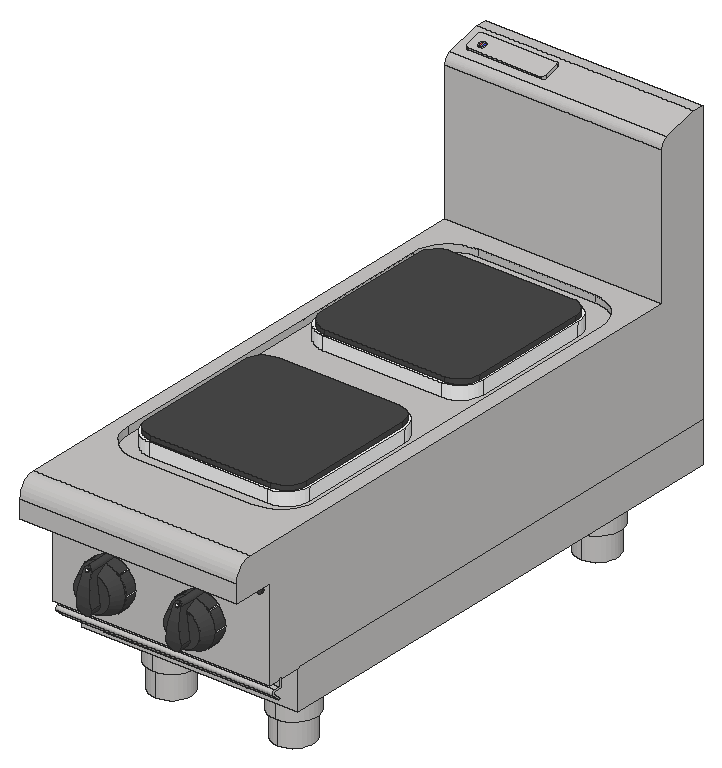
Revit family "QF_Moffat_RN8200SE-B_Electric_Cooktops_Sealed_Hobs_cat", category Specialty Equipment, Revit 2019
Family settings
  Round Connector Dimension = Use Diameter
  Part Type = Normal
  Work Plane-Based = No
  Always vertical = Yes
  Cut with Voids When Loaded = No
  Shared = No
  Room Calculation Point = No
Parameters (values of type "RN8200SE-B")
  Weight in Kilograms = 32
  Watts = Volts * FL Amps  # 5280 W
  Volts = 240 V
  URL Cutsheet = ""
  Specification by User = ""
  Specification by Manufacturer = ""
  Serial Number = ""
  Seismic Rating = ""
  SMACNA No = ""
  Revision Code = ""
  Phase = 2
  Number of Poles = 1
  NAFEM Spec ID Number = ""
  Model = "RN8200SE-B"
  Min Ckt Ampacity = 0 A
  Max Overcurrent Protection = 0 A
  Masterspec = ""
  Manufacturer = "Moffat"
  Length = 300 mm
  Item Number = ""
  Installed By = ""
  Identify Quantity as Lot = yes
  Height = 530 mm
  HP = ""
  Furnished By = ""
  Foodservice Equipment Identifier = yes
  FL Amps = 22 A
  Electrical Remarks = ""
  Electric Connection Type = ""
  Elec Conn RI Height = 0 mm
  Elec Conn Connection Height = 0 mm
  Description = "Electric Cooktops Sealed Hobs"
  Depth = 805 mm
  Cycle = 60 Hz
  Conn Plug = ""
  Conn Conduit = yes
  CSI MasterFormat = ""
  Apparent Power = if(Phase = 3, Volts * FL Amps * 1.73, Volts * FL Amps)  # 5280 VA
Reference planes
  plane 1 "BACK": y = 0
  plane 2: z = 0
  plane 3 "LEFT": x = 0
  plane 4 "RIGHT": x = 300
  plane 5 "FRONT": y = -805
  plane 6 "TOP": z = 530
  plane 7 "Center Y": x = 150
  plane 8 "Center X": y = -402.5
  plane 9: x = 65.5
  plane 10: x = 234.5
  plane 11: x = 87.5
  plane 12: x = 211.766
  plane 13: y = -30
  plane 14: x = 170
  plane 15: y = -625
  plane 16: y = -100
Forms (mm)
  Extrusion 1, void
    sketch origin (0, -781, 315) x (0, 1, 0) y (-1, 0, 0)
      loop
        arc (680.8, -69) -> (666.155, -33.645) -> (630.8, -19) r 50
        line (630.8, -19) -> (137.799, -19)
        arc (137.799, -19) -> (102.444, -33.645) -> (87.799, -69) r 50
        line (87.799, -69) -> (87.799, -231)
        arc (87.799, -231) -> (102.444, -266.355) -> (137.799, -281) r 50
        line (137.799, -281) -> (630.8, -281)
        arc (630.8, -281) -> (666.155, -266.355) -> (680.8, -231) r 50
        line (680.8, -231) -> (680.8, -69)
    from 0 to -9.5
  Extrusion 2, solid, material "QF_Plastic_White_Smooth"
    sketch origin (0, -781, 305.5) x (0, 1, 0) y (-1, 0, 0)
      loop
        arc (643.009, -68) -> (633.637, -45.373) -> (611.009, -36) r 32
        line (611.009, -36) -> (446.995, -36)
        arc (446.995, -36) -> (424.368, -45.373) -> (414.995, -68) r 32
        line (414.995, -68) -> (414.995, -232)
        arc (414.995, -232) -> (424.368, -254.627) -> (446.995, -264) r 32
        line (446.995, -264) -> (611.009, -264)
        arc (611.009, -264) -> (633.637, -254.627) -> (643.009, -232) r 32
        line (643.009, -232) -> (643.009, -68)
      loop
        arc (343.009, -68) -> (333.636, -45.373) -> (311.009, -36) r 32
        line (311.009, -36) -> (147.026, -36)
        arc (147.026, -36) -> (124.398, -45.373) -> (115.026, -68) r 32
        line (115.026, -68) -> (115.026, -232)
        arc (115.026, -232) -> (124.398, -254.627) -> (147.026, -264) r 32
        line (147.026, -264) -> (311.009, -264)
        arc (311.009, -264) -> (333.636, -254.627) -> (343.009, -232) r 32
        line (343.009, -232) -> (343.009, -68)
    from 0 to 17.8
  Extrusion 3, solid, material "QF_Plastic_Black_Smooth"
    sketch origin (0, -781, 323.3) x (0, 1, 0) y (-1, 0, 0)
      loop
        arc (639.009, -67) -> (631.101, -47.908) -> (612.009, -40) r 27
        line (612.009, -40) -> (445.995, -40)
        arc (445.995, -40) -> (426.903, -47.908) -> (418.995, -67) r 27
        line (418.995, -67) -> (418.995, -233)
        arc (418.995, -233) -> (426.903, -252.092) -> (445.995, -260) r 27
        line (445.995, -260) -> (612.009, -260)
        arc (612.009, -260) -> (631.101, -252.092) -> (639.009, -233) r 27
        line (639.009, -233) -> (639.009, -67)
      loop
        arc (339.009, -67) -> (331.1, -47.908) -> (312.009, -40) r 27
        line (312.009, -40) -> (146.026, -40)
        arc (146.026, -40) -> (126.934, -47.908) -> (119.026, -67) r 27
        line (119.026, -67) -> (119.026, -233)
        arc (119.026, -233) -> (126.934, -252.092) -> (146.026, -260) r 27
        line (146.026, -260) -> (312.009, -260)
        arc (312.009, -260) -> (331.1, -252.092) -> (339.009, -233) r 27
        line (339.009, -233) -> (339.009, -67)
    from 0 to 6.1
  Extrusion 4, solid, material "QF_Metal_Stainless_Polished"
    sketch origin (0, 0, 0) x (0, 1, 0) y (0, 0, 1)
      loop
        line (-699, 85) -> (0, 85) -> (0, 140) -> (-699, 140) -> (-699, 85)
    from 0 to 300
  Extrusion 5, solid, material "QF_Metal_Stainless_Polished"
    sketch origin (0, 0, 0) x (0, 1, 0) y (0, 0, 1)
      loop
        line (-730.6, 140) -> (-730.6, 130) -> (-740.105, 130)
        arc (-740.105, 130) -> (-743.076, 128.015) -> (-742.379, 124.511) r 3.215
        line (-742.379, 124.511) -> (-731.85, 113.982) -> (-730.719, 115.113) -> (-741.247, 125.642)
        arc (-741.247, 125.642) -> (-741.597, 127.403) -> (-740.105, 128.4) r 1.615
        line (-740.105, 128.4) -> (-729, 128.4) -> (-729, 140) -> (-730.6, 140)
    from 0 to 300
  Extrusion 6, solid, material "QF_Metal_Stainless_Polished"
    sketch origin (150, 168.197, 1219.2) x (0, 1, 0) y (0, 0, 1)
      loop
        line (-867.197, -1109.2) -> (-889.234, -1109.2)
        arc (-889.234, -1109.2) -> (-890.834, -1110.8) -> (-889.234, -1112.4) r 1.6
        line (-889.234, -1112.4) -> (-867.197, -1112.4) -> (-867.197, -1109.2)
    from -100 to 100
  Extrusion 7, solid, material "QF_Paint_Green"
    sketch origin (0, -749, 141.25) x (0, 0, 1) y (-1, 0, 0)
      loop
        circle (101.3, -132.5) r 7.15
      loop
        circle (101.3, -257.5) r 7.15
    from 0 to 1.6
  Extrusion 8, solid, material "QF_Plastic_Black_Smooth"
    sketch origin (0, -749, 141.25) x (0, 0, 1) y (-1, 0, 0)
      loop
        circle (113.843, -13.157) r 5
      loop
        circle (113.843, -286.843) r 5
    from 0 to 1.6
  Extrusion 9, solid, material "QF_Metal_Stainless_Polished"
    sketch origin (-30, -689.8, 85) x (1, 0, 0) y (0, -1, 0)
      loop
        circle (200, -659.8) r 6.35
    from 0 to 1.6
  Extrusion 10, solid, material "QF_Metal_Stainless_Polished"
    sketch origin (0, 0, -215) x (0, 1, 0) y (0, 0, 1)
      loop
        line (0, 355) -> (0, 745) -> (-15, 745) -> (-61.106, 732.646)
        arc (-61.106, 732.646) -> (-67.52, 728.36) -> (-70, 721.055) r 12
        line (-70, 721.055) -> (-70, 530) -> (-781, 530)
        arc (-781, 530) -> (-797.971, 522.971) -> (-805, 506) r 24
        line (-805, 506) -> (-805, 481) -> (-749, 481) -> (-749, 355) -> (0, 355)
    from 0 to 300
Cuts and joins
  Extrusion 1 cuts Extrusion 10
Lines and regions (mm)
  symbolic lines
    curve 1: line (0, 0, 0) -> (300, 0, 0)
    curve 2: line (0, -805, 0) -> (0, 0, 0)
    curve 3: line (300, -805, 0) -> (0, -805, 0)
    curve 4: line (300, 0, 0) -> (300, -805, 0)
    curve 5: arc (19, -150.2, 0) -> (33.645, -114.845, 0) -> (69, -100.2, 0) r 50
    curve 6: line (69, -100.2, 0) -> (231, -100.2, 0)
    curve 7: arc (231, -100.2, 0) -> (266.355, -114.845, 0) -> (281, -150.2, 0) r 50
    curve 8: line (281, -150.2, 0) -> (281, -643.201, 0)
    curve 9: arc (281, -643.201, 0) -> (266.355, -678.556, 0) -> (231, -693.201, 0) r 50
    curve 10: line (231, -693.201, 0) -> (69, -693.201, 0)
    curve 11: arc (69, -693.201, 0) -> (33.645, -678.556, 0) -> (19, -643.201, 0) r 50
    curve 12: line (19, -643.201, 0) -> (19, -150.2, 0)
    curve 13: arc (68, -137.991, 0) -> (45.373, -147.363, 0) -> (36, -169.991, 0) r 32
    curve 14: line (36, -169.991, 0) -> (36, -334.005, 0)
    curve 15: arc (36, -334.005, 0) -> (45.373, -356.632, 0) -> (68, -366.005, 0) r 32
    curve 16: line (68, -366.005, 0) -> (232, -366.005, 0)
    curve 17: arc (232, -366.005, 0) -> (254.627, -356.632, 0) -> (264, -334.005, 0) r 32
    curve 18: line (264, -334.005, 0) -> (264, -169.991, 0)
    curve 19: arc (264, -169.991, 0) -> (254.627, -147.363, 0) -> (232, -137.991, 0) r 32
    curve 20: line (232, -137.991, 0) -> (68, -137.991, 0)
    curve 21: arc (67, -141.991, 0) -> (47.908, -149.899, 0) -> (40, -168.991, 0) r 27
    curve 22: line (40, -168.991, 0) -> (40, -335.005, 0)
    curve 23: arc (40, -335.005, 0) -> (47.908, -354.097, 0) -> (67, -362.005, 0) r 27
    curve 24: line (67, -362.005, 0) -> (233, -362.005, 0)
    curve 25: arc (233, -362.005, 0) -> (252.092, -354.097, 0) -> (260, -335.005, 0) r 27
    curve 26: line (260, -335.005, 0) -> (260, -168.991, 0)
    curve 27: arc (260, -168.991, 0) -> (252.092, -149.899, 0) -> (233, -141.991, 0) r 27
    curve 28: line (233, -141.991, 0) -> (67, -141.991, 0)
    curve 29: arc (68, -437.991, 0) -> (45.373, -447.364, 0) -> (36, -469.991, 0) r 32
    curve 30: line (36, -469.991, 0) -> (36, -633.974, 0)
    curve 31: arc (36, -633.974, 0) -> (45.373, -656.602, 0) -> (68, -665.974, 0) r 32
    curve 32: line (68, -665.974, 0) -> (232, -665.974, 0)
    curve 33: arc (232, -665.974, 0) -> (254.627, -656.602, 0) -> (264, -633.974, 0) r 32
    curve 34: line (264, -633.974, 0) -> (264, -469.991, 0)
    curve 35: arc (264, -469.991, 0) -> (254.627, -447.364, 0) -> (232, -437.991, 0) r 32
    curve 36: line (232, -437.991, 0) -> (68, -437.991, 0)
    curve 37: arc (67, -441.991, 0) -> (47.908, -449.9, 0) -> (40, -468.991, 0) r 27
    curve 38: line (40, -468.991, 0) -> (40, -634.974, 0)
    curve 39: arc (40, -634.974, 0) -> (47.908, -654.066, 0) -> (67, -661.974, 0) r 27
    curve 40: line (67, -661.974, 0) -> (233, -661.974, 0)
    curve 41: arc (233, -661.974, 0) -> (252.092, -654.066, 0) -> (260, -634.974, 0) r 27
    curve 42: line (260, -634.974, 0) -> (260, -468.991, 0)
    curve 43: arc (260, -468.991, 0) -> (252.092, -449.9, 0) -> (233, -441.991, 0) r 27
    curve 44: line (233, -441.991, 0) -> (67, -441.991, 0)
    curve 45: line (0, -15, 0) -> (300, -15, 0)
    curve 46: line (0, -70, 0) -> (300, -70, 0)
Dimensions and locks
  equal spacing: plane 3 "LEFT", plane 7 "Center Y", plane 4 "RIGHT"
  "Length": plane 3 "LEFT" to plane 4 "RIGHT"
  equal spacing: plane 5 "FRONT", plane 8 "Center X", plane 1 "BACK"
  "Depth": plane 5 "FRONT" to plane 1 "BACK"
  plane 9 to plane 10 = 169 mm
  plane 4 "RIGHT" to plane 3 "LEFT" = 300 mm
  plane 1 "BACK" to plane 5 "FRONT" = 805 mm
  plane 6 "TOP" to plane 2 = 530 mm
  plane 2 to Extrusion 4 = 85 mm
  plane 1 "BACK" to nested 5 = 100 mm
  nested 5 to nested 1 = 525 mm
  plane 14 to plane 4 "RIGHT" = 130 mm
  plane 1 "BACK" to plane 13 = 30 mm
  "Height": plane 6 "TOP" to level
  plane 15 to plane 16 = 525 mm
  aligned and locked: level to plane 2
Automatic sketch dimensions
  Extrusion 1 sketch curve to Extrusion 1 sketch curve = 50 mm  (x3)
  Extrusion 2 sketch curve to Extrusion 1 = 27.226 mm
  Extrusion 2 sketch curve to Extrusion 1 = 17 mm  (x4)
  Extrusion 2 sketch curve to Extrusion 2 sketch curve = 32 mm  (x6)
  Extrusion 2 sketch curve to Extrusion 1 = 49 mm
  Extrusion 2 sketch curve to Extrusion 2 sketch curve = 163.983 mm
  Extrusion 2 sketch curve to Extrusion 2 sketch curve = 71.987 mm
  Extrusion 2 sketch curve to Extrusion 1 = 69.791 mm  (x2)
  Extrusion 3 sketch curve to Extrusion 2 = 4 mm  (x8)
  Extrusion 3 sketch curve to Extrusion 2 = 31 mm  (x8)
  Extrusion 4 sketch curve to plane 1 "BACK" = 0 mm
  Extrusion 4 sketch curve to plane 5 "FRONT" = 106 mm
  level to Extrusion 4 sketch curve = 85 mm
  Extrusion 4 sketch curve to Extrusion 4 sketch curve = 55 mm
  Extrusion 5 sketch curve to Extrusion 5 sketch curve = 0 mm  (x2)
  Extrusion 5 sketch curve to plane 5 "FRONT" = 62.621 mm
  Extrusion 5 sketch curve to Extrusion 5 sketch curve = 1.131 mm  (x3)
  Extrusion 5 sketch curve to Extrusion 5 sketch curve = 1.142 mm  (x2)
  Extrusion 5 sketch curve to Extrusion 5 sketch curve = 10.529 mm
  Extrusion 5 sketch curve to Extrusion 5 sketch curve = 9.505 mm
  Extrusion 5 sketch curve to Extrusion 5 sketch curve = 1.6 mm
  level to Extrusion 5 sketch curve = 113.982 mm
  Extrusion 5 sketch curve to Extrusion 5 sketch curve = 10 mm
  Extrusion 6 sketch curve to plane 5 "FRONT" = 83.963 mm
  Extrusion 6 sketch curve to Extrusion 6 sketch curve = 22.037 mm
  level to Extrusion 6 sketch curve = 106.8 mm
  Extrusion 6 sketch curve to Extrusion 6 sketch curve = 1.6 mm
  Extrusion 7 sketch curve to Extrusion 7 sketch curve = 125 mm
  Extrusion 9 sketch curve to Extrusion 4 = 30 mm
  Extrusion 9 sketch curve to Extrusion 4 = 130 mm
  plane 1 "BACK" to curve 1 = 0 mm
  curve 1 to plane 3 "LEFT" = 0 mm
  plane 5 "FRONT" to curve 3 = 0 mm
  plane 3 "LEFT" to curve 12 = 19 mm
  curve 12 to curve 14 = 17 mm
  curve 30 to plane 15 = 8.974 mm
  curve 12 to curve 30 = 17 mm
  curve 13 to curve 22 = 4 mm
  curve 29 to curve 38 = 4 mm
  curve 37 to plane 9 = 1.5 mm
  curve 23 to plane 9 = 1.5 mm
  curve 39 to plane 9 = 1.5 mm
  curve 28 to plane 9 = 1.5 mm
  curve 23 to curve 15 = 1 mm
  curve 21 to curve 13 = 1 mm
  curve 37 to curve 29 = 1 mm
  curve 39 to curve 31 = 1 mm
  curve 6 to plane 16 = 0.2 mm
  curve 6 to plane 9 = 3.5 mm
  curve 10 to plane 9 = 3.5 mm
  plane 10 to curve 7 = 3.5 mm
  plane 10 to curve 10 = 3.5 mm
  plane 10 to curve 35 = 2.5 mm
  plane 10 to curve 33 = 2.5 mm
  plane 10 to curve 16 = 2.5 mm
  plane 10 to curve 19 = 2.5 mm
  plane 10 to curve 44 = 1.5 mm
  plane 10 to curve 24 = 1.5 mm
  plane 10 to curve 28 = 1.5 mm
  plane 10 to curve 40 = 1.5 mm
  curve 42 to plane 10 = 25.5 mm
  curve 26 to plane 10 = 25.5 mm
  curve 42 to curve 34 = 4 mm
  curve 26 to curve 18 = 4 mm
  plane 4 "RIGHT" to curve 8 = 19 mm
  curve 10 to curve 32 = 27.226 mm
  curve 31 to curve 40 = 4 mm
  curve 35 to plane 8 "Center X" = 67.491 mm
  curve 29 to curve 38 = 1 mm
  plane 8 "Center X" to curve 16 = 36.495 mm
  curve 15 to curve 24 = 4 mm
  curve 19 to curve 7 = 19.791 mm
  curve 13 to curve 22 = 1 mm
  curve 4 to plane 4 "RIGHT" = 0 mm
  curve 45 to curve 1 = 15 mm
  plane 16 to curve 46 = 30 mm
  Extrusion 1 sketch curve to plane 9 = 3.5 mm  (x2)
  Extrusion 1 sketch curve to plane 15 = 68.201 mm
  Extrusion 1 sketch curve to plane 16 = 50.2 mm
  plane 10 to Extrusion 1 sketch curve = 3.5 mm
  Extrusion 7 sketch curve to plane 10 = 23 mm
  level to Extrusion 7 sketch curve = 242.55 mm
  Extrusion 7 sketch curve to Extrusion 7 sketch curve = 0 mm
  plane 4 "RIGHT" to Extrusion 8 sketch curve = 13.157 mm
  level to Extrusion 8 sketch curve = 255.093 mm  (x2)
  plane 3 "LEFT" to Extrusion 8 sketch curve = 13.157 mm
  Extrusion 10 sketch curve to plane 5 "FRONT" = 0 mm
  Extrusion 10 sketch curve to plane 6 "TOP" = 0 mm
  Extrusion 10 sketch curve to plane 1 "BACK" = 0 mm
  Extrusion 10 sketch curve to plane 5 "FRONT" = 24 mm
  Extrusion 10 sketch curve to plane 5 "FRONT" = 56 mm
  plane 16 to Extrusion 10 sketch curve = 30 mm
  Extrusion 10 sketch curve to plane 6 "TOP" = 12.354 mm
  Extrusion 10 sketch curve to Extrusion 10 sketch curve = 8.894 mm
  Extrusion 10 sketch curve to Extrusion 10 sketch curve = 3.106 mm
  plane 1 "BACK" to Extrusion 10 sketch curve = 15 mm
  Extrusion 10 sketch curve to Extrusion 10 sketch curve = 191.055 mm
  Extrusion 10 sketch curve to Extrusion 10 sketch curve = 25 mm
  level to Extrusion 10 sketch curve = 140 mm
  radius of Extrusion 7 sketch curve = 7.15 mm  (x2)
  radius of Extrusion 8 sketch curve = 5 mm  (x2)
  radius of Extrusion 9 sketch curve = 6.35 mm
Nested families
  nested 1: "Small Leg" at (33.75, -593.25, 0), type "Small Leg"
  nested 2: "Small Leg" at (266.25, -593.25, 0) x (-1, 0, 0) z (0, 0, 1), type "Small Leg"
  nested 3: "Knob" at (55.003, -746.031, 164.502), type "Knob"
  nested 4: "Knob" at (179.269, -746.031, 164.502), type "Knob"
  nested 5: "Small Leg" at (33.75, -68.25, 0), type "Small Leg"
  nested 6: "Small Leg" at (266.25, -68.25, 0) x (-1, 0, 0) z (0, 0, 1), type "Small Leg"
  nested 7: "QF_LOGO_Waldorf" at (12, -23.793, 500.933), type "QF_LOGO_Waldorf"
Connectors
  electrical at (170, -30, 83.4), driven by "Volts", driven by "Watts"
    settings: on Extrusion 9, index 1, voltage 240 V, apparent load 5280 VA, apparent load phase1 0 VA, apparent load phase2 0 VA, apparent load phase3 0 VA, power factor 1, load classification "Other", number of poles 1, system type 30, power factor state 1, is connector primary yes, connector utility no, sub classification motor no, connector description "Electrical Connection"
Definition of nested family "Small Leg"
  Parameters (values of type "Small Leg")
    Weight in Pounds = 0
    URL Cutsheet = ""
    Specification by User = ""
    Specification by Manufacturer = ""
    Serial Number = ""
    Seismic Rating = ""
    SMACNA No = ""
    Revision Code = ""
    NAFEM Spec ID Number = ""
    Masterspec = ""
    Length = 63.5 mm
    Item Number = ""
    Installed By = ""
    Identify Quantity as Lot = yes
    Height = 85 mm
    Furnished By = ""
    Foodservice Equipment Identifier = yes
    Depth = 63.5 mm
    CSI MasterFormat = ""
  Reference planes
    plane 1 "BACK": y = 0
    plane 2: z = 0
    plane 3 "LEFT": x = 0
    plane 4 "RIGHT": x = 63.5
    plane 5 "FRONT": y = -63.5
    plane 6 "TOP": z = 85
    plane 7 "Center Y": x = 31.75
    plane 8 "Center X": y = -31.75
  Forms (mm)
    Revolve 1, solid
      sketch origin (31.75, 175.397, 1219.2) x (0, 1, 0) y (0, 0, 1)
        loop
          line (-207.147, -1134.2) -> (-207.147, -1219.2) -> (-179.647, -1219.2) -> (-179.647, -1184.2) -> (-175.397, -1184.2) -> (-175.397, -1134.2) -> (-207.147, -1134.2)
        axis (-207.147, -1134.2) -> (-207.147, -1219.2)
      angle from 0 to 360
  Dimensions and locks
    equal spacing: plane 3 "LEFT", plane 7 "Center Y", plane 4 "RIGHT"
    "Length": plane 3 "LEFT" to plane 4 "RIGHT"
    equal spacing: plane 5 "FRONT", plane 8 "Center X", plane 1 "BACK"
    "Depth": plane 5 "FRONT" to plane 1 "BACK"
    "Height": plane 6 "TOP" to level
    plane 4 "RIGHT" to plane 3 "LEFT" = 63.5 mm
    aligned and locked: level to plane 2
  Automatic sketch dimensions
    Revolve 1 sketch curve to plane 6 "TOP" = 0 mm
    Revolve 1 sketch curve to plane 8 "Center X" = 0 mm  (x2)
    Revolve 1 sketch curve to level = 0 mm  (x2)
    Revolve 1 sketch curve to plane 1 "BACK" = 0 mm
    Revolve 1 sketch curve to Revolve 1 sketch curve = 4.25 mm
    level to Revolve 1 sketch curve = 35 mm
    Revolve 1 sketch curve to Revolve 1 sketch curve = 20 mm
Definition of nested family "Knob"
  Parameters (values of type "Knob")
    Weight in Pounds = 0
    URL Cutsheet = ""
    Specification by User = ""
    Specification by Manufacturer = ""
    Serial Number = ""
    Seismic Rating = ""
    SMACNA No = ""
    Revision Code = ""
    NAFEM Spec ID Number = ""
    Masterspec = ""
    Length = 65 mm
    Item Number = ""
    Installed By = ""
    Identify Quantity as Lot = yes
    Height = 69.5 mm
    Furnished By = ""
    Foodservice Equipment Identifier = yes
    Depth = 59 mm
    CSI MasterFormat = ""
  Reference planes
    plane 1 "BACK": y = 0
    plane 2: z = 0
    plane 3 "LEFT": x = 0
    plane 4 "RIGHT": x = 65
    plane 5 "FRONT": y = -59
    plane 6 "TOP": z = 69.5
    plane 7 "Center Y": x = 32.5
    plane 8 "Center X": y = -29.5
  Forms (mm)
    Revolve 1, solid
      sketch origin (32.5, 175.397, 1219.2) x (0, 1, 0) y (0, 0, 1)
        loop
          line (-175.397, -1186.7) -> (-219.397, -1186.7) -> (-219.397, -1211.501) -> (-202.106, -1219.2) -> (-185.397, -1219.2) -> (-185.397, -1191.7) -> (-175.397, -1191.7) -> (-175.397, -1186.7)
        axis (-219.397, -1186.7) -> (-175.397, -1186.7)
      angle from 0 to 360
    Extrusion 2, solid
      sketch origin (32.5, 175.397, 1219.2) x (0, 1, 0) y (0, 0, 1)
        loop
          line (-202.106, -1154.2) -> (-185.397, -1154.2) -> (-185.397, -1149.7) -> (-224.105, -1149.7)
          arc (-224.105, -1149.7) -> (-233.965, -1178.467) -> (-230.696, -1208.7) r 70
          line (-230.696, -1208.7) -> (-219.397, -1208.7) -> (-219.397, -1161.899) -> (-202.106, -1154.2)
      from -15 to 15
    Extrusion 3, void
      sketch origin (0, 0, 0) x (1, 0, 0) y (0, 0, 1)
        loop
          line (27.501, 64.613) -> (22.02, 20.585)
          arc (22.02, 20.585) -> (32.792, 10.488) -> (42.986, 21.169) r 10.487
          line (42.986, 21.169) -> (37.499, 64.613)
          arc (37.499, 64.613) -> (32.5, 69.5) -> (27.501, 64.613) r 5
        loop
          line (10, 72.977) -> (10, 5.625) -> (55, 5.625) -> (55, 72.977) -> (10, 72.977)
      from 6.142 to 69.687
    Extrusion 4, solid
      sketch origin (0, -34.115, -16.916) x (1, 0, 0) y (0, 0.45399, 0.891007)
        loop
          circle (32.497, 65) r 2
      from 51.525 to 53.075
    Extrusion 5, solid
      sketch origin (32.5, -10, 32.5) x (0, 0, -1) y (-1, 0, 0)
        loop
          line (-23.54, -22.408) -> (-24.106, -22.974)
          arc (-24.106, -22.974) -> (-23.547, -23.547) -> (-22.974, -24.106) r 33.3
          line (-22.974, -24.106) -> (-22.408, -23.54)
          arc (-22.408, -23.54) -> (-22.981, -22.981) -> (-23.54, -22.408) r 32.5
        loop
          arc (-0.8, -33.29) -> (0, -33.3) -> (0.8, -33.29) r 33.3
          line (0.8, -33.29) -> (0.8, -32.49)
          arc (0.8, -32.49) -> (0, -32.5) -> (-0.8, -32.49) r 32.5
          line (-0.8, -32.49) -> (-0.8, -33.29)
        loop
          arc (23.54, -22.408) -> (22.981, -22.981) -> (22.408, -23.54) r 32.5
          line (22.408, -23.54) -> (22.974, -24.106)
          arc (22.974, -24.106) -> (23.547, -23.547) -> (24.106, -22.974) r 33.3
          line (24.106, -22.974) -> (23.54, -22.408)
        loop
          arc (-23.54, 22.408) -> (-22.981, 22.981) -> (-22.408, 23.54) r 32.5
          line (-22.408, 23.54) -> (-22.974, 24.106)
          arc (-22.974, 24.106) -> (-23.547, 23.547) -> (-24.106, 22.974) r 33.3
          line (-24.106, 22.974) -> (-23.54, 22.408)
        loop
          line (-0.8, 33.29) -> (-0.8, 32.49)
          arc (-0.8, 32.49) -> (0, 32.5) -> (0.8, 32.49) r 32.5
          line (0.8, 32.49) -> (0.8, 33.29)
          arc (0.8, 33.29) -> (0, 33.3) -> (-0.8, 33.29) r 33.3
        loop
          line (32.49, -0.8) -> (33.29, -0.8)
          arc (33.29, -0.8) -> (33.3, 0) -> (33.29, 0.8) r 33.3
          line (33.29, 0.8) -> (32.49, 0.8)
          arc (32.49, 0.8) -> (32.5, 0) -> (32.49, -0.8) r 32.5
        loop
          arc (24.106, 22.974) -> (23.547, 23.547) -> (22.974, 24.106) r 33.3
          line (22.974, 24.106) -> (22.408, 23.54)
          arc (22.408, 23.54) -> (22.981, 22.981) -> (23.54, 22.408) r 32.5
          line (23.54, 22.408) -> (24.106, 22.974)
      from 0 to -16.709
  Cuts and joins
    Extrusion 3 cuts Extrusion 2
  Dimensions and locks
    equal spacing: plane 3 "LEFT", plane 7 "Center Y", plane 4 "RIGHT"
    "Length": plane 3 "LEFT" to plane 4 "RIGHT"
    equal spacing: plane 5 "FRONT", plane 8 "Center X", plane 1 "BACK"
    "Depth": plane 5 "FRONT" to plane 1 "BACK"
    "Height": plane 6 "TOP" to level
    plane 4 "RIGHT" to plane 3 "LEFT" = 65 mm
    aligned and locked: level to plane 2
  Automatic sketch dimensions
    Revolve 1 sketch curve to level = 0 mm
    Revolve 1 sketch curve to plane 1 "BACK" = 0 mm  (x2)
    plane 1 "BACK" to Revolve 1 sketch curve = 10 mm
    plane 8 "Center X" to Revolve 1 sketch curve = 2.791 mm
    Revolve 1 sketch curve to plane 8 "Center X" = 14.5 mm
    level to Revolve 1 sketch curve = 7.699 mm
    level to Revolve 1 sketch curve = 27.5 mm
    Revolve 1 sketch curve to Revolve 1 sketch curve = 5 mm
    Revolve 1 sketch curve to Revolve 1 sketch curve = 35 mm
    Revolve 1 sketch curve to Revolve 1 sketch curve = 0 mm
    Extrusion 2 sketch curve to plane 6 "TOP" = 0 mm
    Extrusion 2 sketch curve to plane 5 "FRONT" = 3.702 mm
    Extrusion 2 sketch curve to plane 5 "FRONT" = 10.293 mm
    Extrusion 2 sketch curve to Extrusion 2 sketch curve = 11.298 mm
    plane 8 "Center X" to Extrusion 2 sketch curve = 2.791 mm
    plane 1 "BACK" to Extrusion 2 sketch curve = 10 mm
    Extrusion 2 sketch curve to plane 1 "BACK" = 11 mm
    Extrusion 2 sketch curve to plane 6 "TOP" = 4.5 mm
    Extrusion 2 sketch curve to plane 6 "TOP" = 12.199 mm
    level to Extrusion 2 sketch curve = 32.962 mm
    level to Extrusion 3 sketch curve = 5.625 mm
    Extrusion 3 sketch curve to plane 7 "Center Y" = 0 mm  (x2)
    Extrusion 3 sketch curve to plane 7 "Center Y" = 4.999 mm
    Extrusion 3 sketch curve to plane 7 "Center Y" = 10.48 mm
    plane 6 "TOP" to Extrusion 3 sketch curve = 3.477 mm
    plane 3 "LEFT" to Extrusion 3 sketch curve = 10 mm
    Extrusion 3 sketch curve to plane 6 "TOP" = 4.887 mm
    Extrusion 3 sketch curve to Extrusion 3 sketch curve = 4.999 mm
    plane 7 "Center Y" to Extrusion 3 sketch curve = 10.486 mm
    level to Extrusion 3 sketch curve = 20.585 mm
    Extrusion 3 sketch curve to Extrusion 3 sketch curve = 0.387 mm
    Extrusion 3 sketch curve to Extrusion 3 sketch curve = 0.113 mm
    plane 4 "RIGHT" to Extrusion 3 sketch curve = 10 mm
    Extrusion 5 sketch curve to Revolve 1 = 32.49 mm
    Revolve 1 to Extrusion 5 sketch curve = 32.49 mm
    Extrusion 5 sketch curve to Revolve 1 = 23.54 mm  (x2)
    Revolve 1 to Extrusion 5 sketch curve = 23.54 mm  (x2)
    Extrusion 5 sketch curve to Revolve 1 = 24.106 mm  (x2)
    Revolve 1 to Extrusion 5 sketch curve = 24.106 mm  (x2)
    Revolve 1 to Extrusion 5 sketch curve = 22.408 mm  (x2)
    Extrusion 5 sketch curve to Revolve 1 = 22.408 mm  (x2)
    Revolve 1 to Extrusion 5 sketch curve = 22.974 mm  (x2)
    Extrusion 5 sketch curve to Revolve 1 = 22.974 mm  (x2)
    Extrusion 5 sketch curve to Extrusion 5 sketch curve = 1.6 mm  (x2)
    Revolve 1 to Extrusion 5 sketch curve = 0.8 mm
    Extrusion 5 sketch curve to Revolve 1 = 0.8 mm
    Extrusion 4 sketch curve to plane 7 "Center Y" = 0.003 mm
    radius of Extrusion 5 sketch curve to Revolve 1 = 0 mm  (x7)
    radius of Revolve 1 to Extrusion 5 sketch curve = 0.8 mm  (x7)
    radius of Extrusion 4 sketch curve = 2 mm
Definition of nested family "QF_LOGO_Waldorf"
  Parameters (values of type "QF_LOGO_Waldorf")
    Weight in Pounds = 0
    URL Cutsheet = ""
    Specification by User = ""
    Specification by Manufacturer = ""
    Serial Number = ""
    Seismic Rating = ""
    SMACNA No = ""
    Revision Code = ""
    NAFEM Spec ID Number = ""
    Masterspec = ""
    Length = 138 mm
    Item Number = ""
    Installed By = ""
    Identify Quantity as Lot = yes
    Height = 26.711 mm
    Furnished By = ""
    Foodservice Equipment Identifier = yes
    Depth = 3.175 mm
    CSI MasterFormat = ""
  Reference planes
    plane 1 "BACK": y = 0
    plane 2: z = 0
    plane 3 "LEFT": x = 0
    plane 4 "RIGHT": x = 138
    plane 5 "FRONT": y = -3.175
    plane 6 "TOP": z = 26.711
    plane 7 "Center Y": x = 69
    plane 8 "Center X": y = -1.587
  Forms (mm)
    Extrusion 1, solid
      sketch origin (0, -25.801, 19.798) x (1, 0, 0) y (0, 0.965926, 0.258819)
        loop
          line (109, 3.464) -> (109, 23.247)
          spline (109, 23.247) -> (108.966, 23.699) -> (108.864, 24.143) -> (108.696, 24.572) -> (108.464, 24.979) -> (108.173, 25.355) -> (107.828, 25.696) -> (107.435, 25.995) -> (107, 26.247) -> (106.531, 26.447) -> (106.035, 26.593) -> (105.522, 26.681) -> (105, 26.711)
          line (105, 26.711) -> (4, 26.711)
          spline (4, 26.711) -> (3.478, 26.681) -> (2.965, 26.593) -> (2.469, 26.447) -> (2, 26.247) -> (1.565, 25.995) -> (1.172, 25.696) -> (0.827, 25.355) -> (0.536, 24.979) -> (0.304, 24.572) -> (0.136, 24.143) -> (0.034, 23.699) -> (0, 23.247)
          line (0, 23.247) -> (0, 3.464)
          spline (0, 3.464) -> (0.034, 3.012) -> (0.136, 2.568) -> (0.304, 2.138) -> (0.536, 1.732) -> (0.827, 1.355) -> (1.172, 1.015) -> (1.565, 0.716) -> (2, 0.464) -> (2.469, 0.264) -> (2.965, 0.118) -> (3.478, 0.03) -> (4, 0)
          line (4, 0) -> (105, 0)
          spline (105, 0) -> (105.522, 0.03) -> (106.035, 0.118) -> (106.531, 0.264) -> (107, 0.464) -> (107.435, 0.716) -> (107.828, 1.015) -> (108.173, 1.355) -> (108.464, 1.732) -> (108.696, 2.138) -> (108.864, 2.568) -> (108.966, 3.012) -> (109, 3.464)
        loop
          line (14.75, 7.005) -> (14.75, 15.654)
          arc (14.75, 15.654) -> (10.425, 11.329) -> (14.75, 7.005) r 4.325
        loop
          line (15.25, 15.654) -> (15.25, 7.005)
          arc (15.25, 7.005) -> (19.575, 11.329) -> (15.25, 15.654) r 4.325
      from 0 to 3.2
    Extrusion 2, solid
      sketch origin (0, -25.801, 19.798) x (1, 0, 0) y (0, 0.965926, 0.258819)
        loop
          line (15.25, 15.654) -> (15.25, 7.005)
          arc (15.25, 7.005) -> (19.575, 11.329) -> (15.25, 15.654) r 4.325
      from 0 to 3.2
    Extrusion 3, solid
      sketch origin (16.271, -25.801, 19.798) x (-1, 0, 0) y (0, -0.965926, -0.258819)
        loop
          arc (1.521, -15.654) -> (5.846, -11.329) -> (1.521, -7.005) r 4.325
          line (1.521, -7.005) -> (1.521, -15.654)
      from 0 to 3.2
  Lines and regions (mm)
    Split face 1
      outline origin (0, -26.629, 22.888) x (1, 0, 0) y (0, 0.965926, 0.258819)
        loop
          spline (22.129, 16.975) -> (22.389, 15.984) -> (22.649, 15.002) -> (22.91, 14.028) -> (23.172, 13.065) -> (23.433, 12.11) -> (23.695, 11.166) -> (23.956, 10.232) -> (24.218, 9.308) -> (24.479, 8.396) -> (24.74, 7.495) -> (25, 6.605) -> (25.26, 5.728)
          line (25.26, 5.728) -> (29.463, 5.728)
          spline (29.463, 5.728) -> (29.582, 6.252) -> (29.701, 6.78) -> (29.82, 7.313) -> (29.939, 7.85) -> (30.058, 8.391) -> (30.178, 8.936) -> (30.297, 9.485) -> (30.416, 10.038) -> (30.536, 10.594) -> (30.655, 11.155) -> (30.775, 11.719) -> (30.894, 12.287)
          spline (30.894, 12.287) -> (31.018, 11.719) -> (31.142, 11.155) -> (31.266, 10.594) -> (31.39, 10.038) -> (31.514, 9.485) -> (31.638, 8.936) -> (31.762, 8.391) -> (31.885, 7.85) -> (32.009, 7.313) -> (32.133, 6.78) -> (32.256, 6.252) -> (32.379, 5.728)
          line (32.379, 5.728) -> (36.51, 5.728)
          spline (36.51, 5.728) -> (36.766, 6.605) -> (37.023, 7.495) -> (37.28, 8.396) -> (37.538, 9.308) -> (37.795, 10.232) -> (38.053, 11.166) -> (38.311, 12.11) -> (38.569, 13.065) -> (38.826, 14.028) -> (39.083, 15.002) -> (39.34, 15.984) -> (39.597, 16.975)
          line (39.597, 16.975) -> (35.637, 16.975)
          spline (35.637, 16.975) -> (35.523, 16.334) -> (35.41, 15.697) -> (35.296, 15.063) -> (35.182, 14.433) -> (35.068, 13.807) -> (34.954, 13.185) -> (34.84, 12.566) -> (34.726, 11.952) -> (34.612, 11.342) -> (34.497, 10.737) -> (34.383, 10.135) -> (34.269, 9.538)
          spline (34.269, 9.538) -> (34.138, 10.135) -> (34.008, 10.737) -> (33.877, 11.342) -> (33.746, 11.952) -> (33.616, 12.566) -> (33.485, 13.185) -> (33.354, 13.807) -> (33.224, 14.433) -> (33.093, 15.063) -> (32.963, 15.697) -> (32.833, 16.334) -> (32.703, 16.975)
          line (32.703, 16.975) -> (29.247, 16.975)
          spline (29.247, 16.975) -> (29.111, 16.334) -> (28.974, 15.697) -> (28.837, 15.063) -> (28.7, 14.433) -> (28.562, 13.807) -> (28.425, 13.185) -> (28.288, 12.566) -> (28.15, 11.952) -> (28.013, 11.342) -> (27.875, 10.737) -> (27.738, 10.135) -> (27.6, 9.538)
          spline (27.6, 9.538) -> (27.483, 10.135) -> (27.366, 10.737) -> (27.249, 11.342) -> (27.132, 11.952) -> (27.015, 12.566) -> (26.897, 13.185) -> (26.78, 13.807) -> (26.663, 14.433) -> (26.546, 15.063) -> (26.43, 15.697) -> (26.313, 16.334) -> (26.196, 16.975)
          line (26.196, 16.975) -> (22.129, 16.975)
    Split face 2
      outline origin (0, -26.629, 22.888) x (1, 0, 0) y (0, 0.965926, 0.258819)
        loop
          line (51.449, 5.728) -> (51.035, 6.606) -> (51.035, 11.169)
          spline (51.035, 11.169) -> (50.686, 12.42) -> (50.176, 13.224) -> (49.51, 13.708) -> (48.693, 13.995) -> (47.747, 14.152) -> (46.698, 14.207) -> (45.579, 14.186) -> (44.419, 14.114) -> (43.279, 13.929) -> (42.249, 13.481) -> (41.424, 12.614) -> (40.897, 11.169)
          line (40.897, 11.169) -> (44.617, 11.169) -> (44.988, 11.965)
          spline (44.988, 11.965) -> (47.294, 11.682) -> (46.856, 10.932) -> (45.527, 10.609) -> (43.858, 10.439) -> (42.259, 10.123) -> (41.078, 9.417) -> (40.563, 8.246) -> (40.689, 6.989) -> (41.407, 6.052) -> (42.774, 5.536) -> (44.847, 5.497) -> (47.306, 6.602)
          line (47.306, 6.602) -> (47.624, 5.728) -> (51.449, 5.728)
    Split face 3
      outline origin (0, -26.629, 22.888) x (1, 0, 0) y (0, 0.965926, 0.258819)
        loop
          line (47.264, 9.264) -> (44.938, 8.597)
          spline (44.938, 8.597) -> (44.508, 8.228) -> (44.402, 7.9) -> (44.548, 7.626) -> (44.877, 7.42) -> (45.317, 7.295) -> (45.797, 7.265) -> (46.252, 7.342) -> (46.65, 7.525) -> (46.971, 7.813) -> (47.194, 8.201) -> (47.298, 8.685) -> (47.264, 9.264)
    Split face 4
      outline origin (0, -26.629, 22.888) x (1, 0, 0) y (0, 0.965926, 0.258819)
        loop
          line (53.33, 16.975) -> (53.33, 5.728) -> (57.173, 5.728) -> (57.173, 16.975) -> (53.33, 16.975)
    Split face 5
      outline origin (0, -26.629, 22.888) x (1, 0, 0) y (0, 0.965926, 0.258819)
        loop
          line (65.795, 16.975) -> (65.795, 12.976)
          spline (65.795, 12.976) -> (63.839, 14.082) -> (62.087, 14.096) -> (60.633, 13.343) -> (59.574, 12.148) -> (58.99, 10.806) -> (58.867, 9.452) -> (59.156, 8.159) -> (59.81, 7) -> (60.786, 6.056) -> (62.111, 5.514) -> (63.868, 5.634) -> (66.137, 6.679)
          line (66.137, 6.679) -> (66.137, 5.728) -> (69.511, 5.728) -> (69.511, 16.975) -> (65.795, 16.975)
    Split face 6
      outline origin (0, -26.629, 22.888) x (1, 0, 0) y (0, 0.965926, 0.258819)
        loop
          spline (64.273, 7.499) -> (64.754, 7.57) -> (65.202, 7.777) -> (65.587, 8.106) -> (65.882, 8.535) -> (66.067, 9.034) -> (66.131, 9.57) -> (66.067, 10.106) -> (65.882, 10.605) -> (65.587, 11.034) -> (65.202, 11.363) -> (64.754, 11.57) -> (64.273, 11.64)
          spline (64.273, 11.64) -> (63.793, 11.57) -> (63.345, 11.363) -> (62.96, 11.034) -> (62.665, 10.605) -> (62.479, 10.106) -> (62.416, 9.57) -> (62.479, 9.034) -> (62.665, 8.535) -> (62.96, 8.106) -> (63.345, 7.777) -> (63.793, 7.57) -> (64.273, 7.499)
    Split face 7
      outline origin (0, -26.629, 22.888) x (1, 0, 0) y (0, 0.965926, 0.258819)
        loop
          spline (76.449, 5.305) -> (77.855, 5.457) -> (79.166, 5.901) -> (80.291, 6.607) -> (81.155, 7.527) -> (81.698, 8.599) -> (81.883, 9.749) -> (81.698, 10.899) -> (81.155, 11.97) -> (80.291, 12.891) -> (79.166, 13.597) -> (77.855, 14.041) -> (76.449, 14.192)
          spline (76.449, 14.192) -> (75.042, 14.041) -> (73.731, 13.597) -> (72.606, 12.891) -> (71.742, 11.97) -> (71.199, 10.899) -> (71.014, 9.749) -> (71.199, 8.599) -> (71.742, 7.527) -> (72.606, 6.607) -> (73.731, 5.901) -> (75.042, 5.457) -> (76.449, 5.305)
    Split face 8
      outline origin (0, -26.629, 22.888) x (1, 0, 0) y (0, 0.965926, 0.258819)
        loop
          spline (76.449, 7.654) -> (76.841, 7.725) -> (77.206, 7.934) -> (77.52, 8.267) -> (77.76, 8.701) -> (77.912, 9.206) -> (77.963, 9.749) -> (77.912, 10.291) -> (77.76, 10.796) -> (77.52, 11.23) -> (77.206, 11.563) -> (76.841, 11.772) -> (76.449, 11.843)
          spline (76.449, 11.843) -> (76.057, 11.772) -> (75.691, 11.563) -> (75.378, 11.23) -> (75.137, 10.796) -> (74.986, 10.291) -> (74.934, 9.749) -> (74.986, 9.206) -> (75.137, 8.701) -> (75.378, 8.267) -> (75.691, 7.934) -> (76.057, 7.725) -> (76.449, 7.654)
    Split face 9
      outline origin (0, -26.629, 22.888) x (1, 0, 0) y (0, 0.965926, 0.258819)
        loop
          line (86.998, 12.335) -> (86.998, 13.879) -> (83.479, 13.879) -> (83.479, 5.728) -> (87.312, 5.728) -> (87.312, 8.975)
          spline (87.312, 8.975) -> (87.364, 9.356) -> (87.458, 9.686) -> (87.594, 9.968) -> (87.769, 10.204) -> (87.982, 10.398) -> (88.229, 10.55) -> (88.509, 10.666) -> (88.82, 10.746) -> (89.16, 10.794) -> (89.525, 10.812) -> (89.915, 10.803) -> (90.327, 10.77)
          line (90.327, 10.77) -> (90.327, 14.113)
          spline (90.327, 14.113) -> (89.929, 14.127) -> (89.552, 14.111) -> (89.197, 14.066) -> (88.865, 13.991) -> (88.554, 13.887) -> (88.266, 13.754) -> (87.999, 13.591) -> (87.755, 13.399) -> (87.532, 13.177) -> (87.332, 12.926) -> (87.154, 12.645) -> (86.998, 12.335)
    Split face 10
      outline origin (0, -26.629, 22.888) x (1, 0, 0) y (0, 0.965926, 0.258819)
        loop
          line (92.082, 13.879) -> (90.894, 13.879) -> (90.894, 11.972) -> (92.082, 11.972) -> (92.082, 5.728) -> (95.871, 5.728) -> (95.871, 11.972) -> (97.5, 11.972) -> (97.5, 13.879) -> (95.871, 13.879)
          spline (95.871, 13.879) -> (95.843, 14.088) -> (95.845, 14.278) -> (95.877, 14.447) -> (95.939, 14.596) -> (96.03, 14.726) -> (96.151, 14.835) -> (96.301, 14.925) -> (96.482, 14.995) -> (96.692, 15.045) -> (96.931, 15.075) -> (97.201, 15.085) -> (97.5, 15.076)
          line (97.5, 15.076) -> (97.5, 17.266) -> (95.367, 17.266)
          spline (95.367, 17.266) -> (94.982, 17.253) -> (94.58, 17.21) -> (94.174, 17.132) -> (93.774, 17.013) -> (93.39, 16.846) -> (93.034, 16.627) -> (92.717, 16.349) -> (92.448, 16.007) -> (92.24, 15.595) -> (92.102, 15.106) -> (92.046, 14.537) -> (92.082, 13.879)
  Dimensions and locks
    equal spacing: plane 3 "LEFT", plane 7 "Center Y", plane 4 "RIGHT"
    "Length": plane 3 "LEFT" to plane 4 "RIGHT"
    equal spacing: plane 5 "FRONT", plane 8 "Center X", plane 1 "BACK"
    "Depth": plane 5 "FRONT" to plane 1 "BACK"
    "Height": plane 6 "TOP" to level
    plane 4 "RIGHT" to plane 3 "LEFT" = 138 mm
    aligned and locked: level to plane 2
  Automatic sketch dimensions
    Extrusion 1 sketch curve to plane 3 "LEFT" = 0 mm
    plane 3 "LEFT" to Extrusion 1 sketch curve = 4 mm  (x2)
    Extrusion 1 sketch curve to Extrusion 1 sketch curve = 10.75 mm
    Extrusion 1 sketch curve to Extrusion 1 sketch curve = 0.5 mm
    plane 4 "RIGHT" to Extrusion 1 sketch curve = 33 mm
    Extrusion 1 sketch curve to Extrusion 1 sketch curve = 0 mm  (x3)
    Extrusion 1 sketch curve to Extrusion 1 sketch curve = 4 mm
    Extrusion 1 sketch curve to Extrusion 1 sketch curve = 3.464 mm  (x3)
    Extrusion 1 sketch curve to Extrusion 1 sketch curve = 3.541 mm
    Extrusion 1 sketch curve to Extrusion 1 sketch curve = 4.325 mm
    Extrusion 1 sketch curve to Extrusion 1 sketch curve = 19.783 mm
    Extrusion 1 sketch curve to Extrusion 1 sketch curve = 7.592 mm
    plane 3 "LEFT" to Extrusion 2 sketch curve = 15.25 mm
    Extrusion 2 sketch curve to Extrusion 2 sketch curve = 4.325 mm
    plane 3 "LEFT" to Extrusion 3 sketch curve = 14.75 mm
    Extrusion 3 sketch curve to Extrusion 3 sketch curve = 4.325 mm
    Extrusion 1 to Split face 1 sketch curve = 6.879 mm
    Split face 1 sketch curve to Extrusion 1 = 5.728 mm
    Split face 1 sketch curve to Split face 1 sketch curve = 3.132 mm
    Split face 1 sketch curve to Split face 1 sketch curve = 4.068 mm
    Split face 1 sketch curve to Split face 1 sketch curve = 3.051 mm
    Split face 1 sketch curve to Split face 1 sketch curve = 4.203 mm
    Split face 1 sketch curve to Split face 1 sketch curve = 2.916 mm
    Split face 1 sketch curve to Split face 1 sketch curve = 3.456 mm
    Split face 1 sketch curve to Split face 1 sketch curve = 2.934 mm
    Split face 1 sketch curve to Split face 1 sketch curve = 4.131 mm
    Split face 1 sketch curve to Split face 1 sketch curve = 3.96 mm
    Split face 1 sketch curve to Split face 1 sketch curve = 0 mm  (x2)
    Split face 1 sketch curve to Extrusion 1 = 9.736 mm  (x2)
    Extrusion 1 to Split face 1 sketch curve = 6.337 mm
    Extrusion 1 to Split face 1 sketch curve = 6.231 mm
    Extrusion 1 to Split face 1 sketch curve = 3.184 mm
    Extrusion 1 to Split face 1 sketch curve = 13.135 mm
    Split face 1 sketch curve to Split face 1 sketch curve = 4.652 mm
    Split face 1 sketch curve to Split face 1 sketch curve = 3.593 mm
    Split face 1 sketch curve to Split face 1 sketch curve = 1.863 mm
    Split face 1 sketch curve to Split face 1 sketch curve = 0.713 mm
    Split face 1 sketch curve to Split face 1 sketch curve = 2.684 mm
    Split face 1 sketch curve to Split face 1 sketch curve = 3.294 mm
    Split face 1 sketch curve to Split face 1 sketch curve = 0.459 mm
    Split face 1 sketch curve to Split face 1 sketch curve = 2.775 mm
    Split face 1 sketch curve to Split face 1 sketch curve = 1.89 mm
    Split face 1 sketch curve to Split face 1 sketch curve = 0.685 mm
    Split face 1 sketch curve to Split face 1 sketch curve = 9.486 mm
    Split face 1 sketch curve to Split face 1 sketch curve = 16.213 mm
    Split face 1 sketch curve to Split face 1 sketch curve = 3.48 mm
    Split face 1 sketch curve to Split face 1 sketch curve = 4.918 mm
    Split face 1 sketch curve to Split face 1 sketch curve = 7.609 mm
    Split face 1 sketch curve to Split face 1 sketch curve = 0.01 mm  (x2)
    Split face 1 sketch curve to Split face 1 sketch curve = 0.002 mm
    Split face 2 sketch curve to Extrusion 1 = 11.169 mm
    Extrusion 1 to Split face 2 sketch curve = 25.647 mm
    Split face 2 sketch curve to Split face 2 sketch curve = 3.72 mm
    Split face 2 sketch curve to Extrusion 1 = 11.965 mm
    Split face 2 sketch curve to Split face 2 sketch curve = 0.371 mm
    Split face 2 sketch curve to Extrusion 1 = 6.602 mm
    Split face 2 sketch curve to Split face 2 sketch curve = 2.689 mm
    Split face 2 sketch curve to Split face 2 sketch curve = 0.318 mm
    Split face 2 sketch curve to Split face 2 sketch curve = 3.729 mm
    Split face 2 sketch curve to Split face 2 sketch curve = 0.414 mm
    Split face 2 sketch curve to Split face 2 sketch curve = 0.875 mm
    Split face 2 sketch curve to Split face 2 sketch curve = 0.878 mm
    Split face 3 sketch curve to Extrusion 1 = 8.597 mm
    Extrusion 1 to Split face 3 sketch curve = 29.688 mm
    Split face 3 sketch curve to Extrusion 1 = 9.264 mm
    Split face 3 sketch curve to Split face 3 sketch curve = 2.326 mm
    Split face 4 sketch curve to Extrusion 1 = 5.728 mm
    Extrusion 1 to Split face 4 sketch curve = 38.08 mm
    Split face 4 sketch curve to Split face 4 sketch curve = 3.843 mm
    Split face 4 sketch curve to Extrusion 1 = 9.736 mm
    Split face 5 sketch curve to Extrusion 1 = 9.736 mm
    Split face 5 sketch curve to Extrusion 1 = 43.205 mm
    Split face 5 sketch curve to Extrusion 1 = 6.679 mm
    Split face 5 sketch curve to Split face 5 sketch curve = 0.342 mm
    Split face 5 sketch curve to Split face 5 sketch curve = 3.375 mm
    Split face 5 sketch curve to Split face 5 sketch curve = 0.952 mm
    Split face 5 sketch curve to Split face 5 sketch curve = 3.998 mm
    Split face 6 sketch curve to Extrusion 1 = 7.499 mm
    Split face 6 sketch curve to Extrusion 1 = 44.727 mm
    Split face 6 sketch curve to Split face 6 sketch curve = 2.07 mm
    Split face 7 sketch curve to Extrusion 1 = 5.305 mm
    Split face 7 sketch curve to Extrusion 1 = 32.551 mm
    Split face 7 sketch curve to Split face 7 sketch curve = 4.443 mm
    Split face 8 sketch curve to Extrusion 1 = 7.654 mm
    Split face 8 sketch curve to Extrusion 1 = 32.551 mm
    Split face 8 sketch curve to Split face 8 sketch curve = 2.095 mm
    Split face 9 sketch curve to Extrusion 1 = 5.728 mm
    Split face 9 sketch curve to Extrusion 1 = 25.521 mm
    Split face 9 sketch curve to Split face 9 sketch curve = 3.519 mm
    Split face 9 sketch curve to Split face 9 sketch curve = 0.315 mm
    Split face 9 sketch curve to Split face 9 sketch curve = 3.33 mm
    Split face 9 sketch curve to Split face 9 sketch curve = 3.248 mm
    Split face 9 sketch curve to Split face 9 sketch curve = 1.795 mm
    Split face 9 sketch curve to Split face 9 sketch curve = 3.36 mm
    Split face 9 sketch curve to Split face 9 sketch curve = 1.545 mm
    Split face 9 sketch curve to Split face 9 sketch curve = 0.233 mm
    Split face 10 sketch curve to Extrusion 1 = 18.106 mm
    Split face 10 sketch curve to Split face 10 sketch curve = 1.188 mm  (x2)
    Split face 10 sketch curve to Split face 10 sketch curve = 3.285 mm
    Split face 10 sketch curve to Split face 10 sketch curve = 3.789 mm
    Split face 10 sketch curve to Split face 10 sketch curve = 0 mm  (x2)
    Split face 10 sketch curve to Split face 10 sketch curve = 1.629 mm
    Split face 10 sketch curve to Split face 10 sketch curve = 2.133 mm
    Split face 10 sketch curve to Extrusion 1 = 5.728 mm
    Split face 10 sketch curve to Split face 10 sketch curve = 6.245 mm
    Split face 10 sketch curve to Split face 10 sketch curve = 1.907 mm  (x2)
    Split face 10 sketch curve to Split face 10 sketch curve = 1.197 mm
    Split face 10 sketch curve to Split face 10 sketch curve = 2.19 mm
